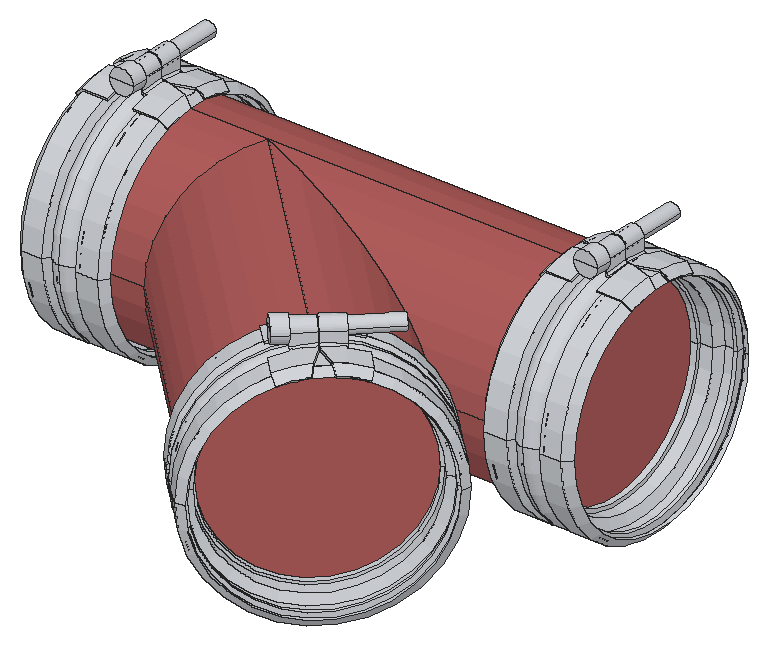
Revit family "PBUK_ES_Single Branch_AF006_NG", category Pipe Fittings, Revit 2024
Family settings
  Round Connector Dimension = Use Diameter
  Part Type = Tee
  OmniClass Number = 23.60.30.11.14
  OmniClass Title = Pipework Fittings
  Work Plane-Based = No
  Always vertical = Yes
  Cut with Voids When Loaded = No
  Shared = No
Parameters (values of type "Standard")
  h [instance] = size_lookup(Lookup Table Name, "h", 0 mm, Nominal Diameter, Branch Nominal Diameter, Angle)  # 185 mm
  Weight [instance] = size_lookup(Lookup Table Name, "Poids", 0.00 kg, Nominal Diameter, Branch Nominal Diameter, Angle)  # 3.28 kg
  WarrantyStartDate [instance] = "Please Record On Commissioning"
  WarrantyGuarantorParts = "technical.uk@pambuilding.com"
  WarrantyGuarantorLabour = "N/A"
  WarrantyDurationUnit = "Years"
  WarrantyDurationParts = "0"
  WarrantyDurationLabour = "0"
  WarrantyDescription = "N/A"
  URL = "www.pambuilding.co.uk"
  Type IFC Predefined Type = "JUNCTION"
  TagNumber [instance] = "Please Record On Commissioning"
  System Fire Rating = "A1"  # constant formula
  Symbol Length [instance] = Nominal Diameter * 0.6  # 60 mm
  Standard = "EN 877"  # constant formula
  Show Coupling 3 [instance] = yes
  Show Coupling 2 [instance] = yes
  Show Coupling 1 [instance] = yes
  SerialNumber [instance] = "Please Record On Commissioning"
  Quality Marks Check [instance] = size_lookup(Lookup Table Name, "qmc", 0 mm, Nominal Diameter, Branch Nominal Diameter, Angle)  # 0 mm
  Quality Marks [instance] = if(Quality Marks Check = 1 mm, "Kitemark KM 51733", "N/A")  # "N/A"
  Product URL = "https://source.thenbs.com/product/ensign-agilium-pipes-and-fittings/odGdd3woqo2ivn36LowFqJ/xp98iyxJDKXNKK66AMoSfU"
  Product Code [instance] = size_lookup(Lookup Table Name, "REF-STD", 0, Nominal Diameter, Branch Nominal Diameter, Angle)  # 282807
  NominalWidth [instance] = Dext principale  # 110 mm
  NominalLength [instance] = H  # 245 mm
  NominalHeight [instance] = h * sin(Angle b) + Dext principale / 2  # 185.815 mm
  Nominal Diameter [instance] = 100 mm
  ModelNumber [instance] = size_lookup(Lookup Table Name, "", "", Nominal Diameter, Branch Nominal Diameter, Angle)  # "AF006"
  Material Fire Rating = "A1"  # constant formula
  Material = "Cast Iron"  # constant formula
  Manufacturer Product Range = "ENSIGN AGILIUM Soil"  # constant formula
  Lookup Table Name = "AF006_Single Branch - DI & NG"
  Model = ""
  Keynote = "Single Branch"  # constant formula
  built-in parameter 1114238 [instance] = (empty or 0)
  InstallationDate [instance] = "Please Record On Commissioning"
  H [instance] = size_lookup(Lookup Table Name, "H", 0 mm, Nominal Diameter, Branch Nominal Diameter, Angle)  # 245 mm
  L [instance] = if(Angle b < 91.00°, size_lookup(Lookup Table Name, "L", 0 mm, Nominal Diameter, Branch Nominal Diameter, Angle), H - size_lookup(Lookup Table Name, "L", 0 mm, Nominal Diameter, Branch Nominal Diameter, Angle))  # 185 mm
  Manufacturer = "Pam Building UK"  # constant formula
  Export Type to IFC As = "IfcPipeFittingType"
  DurationUnit = "Years"
  Dext principale [instance] = size_lookup(Lookup Table Name, "Dext principale", 0 mm, Nominal Diameter, Branch Nominal Diameter, Angle)  # 110 mm
  Dext antenne [instance] = size_lookup(Lookup Table Name, "Dext antenne", 0 mm, Nominal Diameter, Branch Nominal Diameter, Angle)  # 110 mm
  Description = "Single Branch"  # constant formula
  Default Elevation = 0 mm
  CreatedOn = "2019-12-15T10:00:00"
  CreatedBy = "technical.uk@pambuilding.com"
  Coupling Rotation 3 [instance] = 90.00°
  Coupling Rotation 2 [instance] = 90.00°
  Coupling Rotation 1 [instance] = 90.00°
  Connection Gap 3 [instance] = if(Show Coupling 3, size_lookup(Lookup Table Name, "dnConnectionGap", 0 mm, Nominal Diameter, Branch Nominal Diameter, Angle), 0 mm)  # 4 mm
  Connection Gap 2 [instance] = if(Show Coupling 2, size_lookup(Lookup Table Name, "DNConnectionGap", 0 mm, Nominal Diameter, Branch Nominal Diameter, Angle), 0 mm)  # 4 mm
  Connection Gap 1 [instance] = if(Show Coupling 1, size_lookup(Lookup Table Name, "DNConnectionGap", 0 mm, Nominal Diameter, Branch Nominal Diameter, Angle), 0 mm)  # 4 mm
  ClassificationValue = "Pr_65_52_03_12"
  ClassificationName = "Uniclass2015"
  Branch Nominal Diameter [instance] = 100 mm
  BarCode [instance] = "Please Record On Commissioning"
  AssetType = "Fixed"
  AssetIdentifier [instance] = "Please Record On Commissioning"
  Angle b [instance] = 45.00°
  Angle 2 [instance] = 180.00° - Angle b  # 135.00°
  Angle [instance] = if(Angle b > 90.00°, if(and(Angle 2 > 85.50°, Angle 2 < 90.50°), 88.00°, if(and(Angle 2 > 66.50°, Angle 2 < 71.50°), 69.00°, if(and(Angle 2 > 42.50°, Angle 2 < 47.50°), 45.00°, if(and(Angle 2 > 19.50°, Angle 2 < 24.50°), 22.00°, 0.00°)))), if(and(Angle b > 85.53°, Angle b < 90.50°), 88.00°, if(and(Angle b > 66.50°, Angle b < 71.50°), 69.00°, if(and(Angle b > 42.50°, Angle b < 47.50°), 45.00°, if(and(Angle b > 19.50°, Angle b < 24.50°), 22.00°, 0.00°)))))  # 45.00°
Reference planes
  plane 1 "Centre (avant/arrière)": y = 0
  plane 2: z = 0
  plane 3 "Centre (gauche/droite)": x = 0
  plane 4: x = -60
  plane 5: x = 185
  plane 6: y = 55
  plane 7: y = -55
  plane 8: x = -64
  plane 9: x = 189
Forms (mm)
  Sweep 1, solid, material "PAM Cast iron - Ensign Soil", detail levels fine
    path origin (0, 0, 0) x (1, 0, 0) y (0, 1, 0)
      loop
        line (-60, 0) -> (185, 0)
    profile "Pipeline - Round : Pipeline - Main Part" origin (62.5, 0, 0) x (0, 1, 0) y (0, 0, 1)
      loop
        arc (-55, 0) -> (-38.891, -38.891) -> (0, -55) r 55
        arc (0, -55) -> (38.891, -38.891) -> (55, 0) r 55
        arc (55, 0) -> (38.891, 38.891) -> (0, 55) r 55
        arc (0, 55) -> (-38.891, 38.891) -> (-55, 0) r 55
  Sweep 2, solid, material "PAM Cast iron - Ensign Soil", detail levels fine
    path in 3D
      loop
        line (0, 0, 0) -> (130.815, -130.815, 0)
    profile "Pipeline - Round : Pipeline - Antenna Part" origin (65.407, -65.407, 0) x (0.707107, 0.707107, 0) y (0, 0, 1)
      loop
        arc (-55, 0) -> (-38.891, -38.891) -> (0, -55) r 55
        arc (0, -55) -> (38.891, -38.891) -> (55, 0) r 55
        arc (55, 0) -> (38.891, 38.891) -> (0, 55) r 55
        arc (0, 55) -> (-38.891, 38.891) -> (-55, 0) r 55
  Revolve 3, void
    sketch origin (0, 0, 0) x (1, 0, 0) y (0, 1, 0)
      loop
        line (-60, 0) -> (-60, 55) -> (-545.912, 55) -> (-545.912, 0) -> (-60, 0)
      axis (-60, 0) -> (-545.912, 0)
    angle from 0 to 360
  Extrusion 4, solid, not visible
    sketch origin (130.815, -130.815, 0) x (0, 0, 1) y (-0.707107, -0.707107, 0)
      loop
        line (2, 5) -> (0, 5) -> (0, -5) -> (2, -5) -> (2, 5)
    from -15.67 to 0
  Sweep 5, solid, not visible
    path origin (0, 0, 0) x (1, 0, 0) y (0, 1, 0)
      loop
        line (-64, 0) -> (-68.018, 0)
    profile origin (-66.009, 0, 0) x (0, -1, 0) y (0, 0, 1)
      loop
        circle (0, 0) r 55
  Sweep 6, solid, not visible
    path origin (0, 0, 0) x (1, 0, 0) y (0, 1, 0)
      loop
        line (193.038, 0) -> (189, 0)
    profile origin (191.019, 0, 0) x (0, -1, 0) y (0, 0, 1)
      loop
        circle (0, 0) r 55
  Sweep 7, solid, not visible
    path origin (0, 0, 0) x (1, 0, 0) y (0, 1, 0)
      loop
        line (133.643, -133.643) -> (136.442, -136.442)
    profile origin (135.043, -135.043, 0) x (0.707107, 0.707107, 0) y (0, 0, 1)
      loop
        circle (0, 0) r 55
Cuts and joins
  Revolve 3 cuts Sweep 1
  Revolve 3 cuts Sweep 2
  joined: Sweep 1, Sweep 2
Lines and regions (mm)
  reference lines
    curve 1: line (0, 0, 0) -> (130.815, -130.815, 0)
  sketch lines
    curve 2: line (0, 0, 0) -> (130.815, -130.815, 0)
  model lines, detail levels coarse+medium
    curve 3: line (-64, 0, 0) -> (189, 0, 0)
    curve 4: line (-64, 30, 0) -> (-64, 0, 0)
    curve 5: line (-64, 0, 0) -> (-64, -30, 0)
    curve 6: line (189, 30, 0) -> (189, 0, 0)
    curve 7: line (189, 0, 0) -> (189, -30, 0)
    curve 8: line (0, 0, 0) -> (133.643, -133.643, 0)
    curve 9: line (133.643, -133.643, 0) -> (154.856, -112.43, 0)
    curve 10: line (133.643, -133.643, 0) -> (112.43, -154.856, 0)
Dimensions and locks
  "L": plane 3 "Centre (gauche/droite)" to plane 5
  equal spacing: plane 6, plane 1 "Centre (avant/arrière)", plane 7
  "Dext principale": plane 6 to plane 7
  "H": plane 4 to plane 5
  "h": curve 1 to curve 1
  equal spacing: curve 5, plane 1 "Centre (avant/arrière)", curve 4
  "Symbol Length": curve 4 to curve 5
  equal spacing: curve 7, plane 1 "Centre (avant/arrière)", curve 6
  "Symbol Length": curve 6 to curve 7
  equal spacing: curve 10, curve 8, curve 9
  "Symbol Length": curve 10 to curve 9
  "Connection Gap 1": plane 8 to plane 4
  "Connection Gap 2": plane 5 to plane 9
  locked: Sweep 5 sketch curve to Sweep 5 sketch curve at 4.018
  locked: Sweep 6 sketch curve to Sweep 6 sketch curve at 4.038
  locked: Sweep 7 sketch curve to Sweep 7 sketch curve at 3.959
  "Connection Gap 3": curve 10 to cut or joined group of Sweep 1, Sweep 2, Revolve 3
  "Dext principale": diameter of Sweep 5 sketch curve
  "Dext principale": diameter of Sweep 6 sketch curve
  "Dext antenne": diameter of Sweep 7 sketch curve
  "Angle b": angle curve 1 to plane 1 "Centre (avant/arrière)"
  "Angle b": angle curve 8 to plane 1 "Centre (avant/arrière)"
  locked: curve 8 to curve 10 (angle 90.00°)
  locked: curve 8 to curve 9 (angle 90.00°)
  "Angle b": angle Sweep 7 sketch curve to plane 1 "Centre (avant/arrière)"
  "Angle b": angle nested 5 to plane 1 "Centre (avant/arrière)"
  aligned and locked: level to plane 2
  aligned and locked: plane 4 to Sweep 1 sketch curve
  aligned and locked: plane 1 "Centre (avant/arrière)" to Sweep 1 sketch curve
  aligned and locked: Revolve 3 sketch curve to plane 1 "Centre (avant/arrière)"  (x2)
  aligned and locked: Revolve 3 sketch curve to plane 6
  aligned and locked: Revolve 3 sketch curve to plane 4
  aligned and locked: plane 2 to Extrusion 4 sketch curve
  aligned and locked: Extrusion 4 to curve 1
  aligned and locked: plane 1 "Centre (avant/arrière)" to curve 3
  aligned and locked: plane 3 "Centre (gauche/droite)" to curve 8
  aligned and locked: plane 1 "Centre (avant/arrière)" to curve 8
  aligned and locked: plane 8 to Sweep 5 sketch curve
  aligned and locked: plane 1 "Centre (avant/arrière)" to Sweep 5 sketch curve
  aligned and locked: plane 9 to Sweep 6 sketch curve
  aligned and locked: plane 1 "Centre (avant/arrière)" to Sweep 6 sketch curve
  aligned and locked: curve 4 to plane 8
  aligned and locked: curve 6 to plane 9
  aligned and locked: plane 1 "Centre (avant/arrière)" to nested 1
  aligned and locked: nested 2 to plane 1 "Centre (avant/arrière)"
  aligned and locked: plane 5 to nested 2
  aligned and locked: plane 4 to nested 1
  aligned and locked: curve 9 to Sweep 7 sketch curve
  aligned and locked: curve 1 to Sweep 7 sketch curve
  aligned and locked: curve 1 to nested 5
  aligned and locked: nested 5 to Sweep 7
Automatic sketch dimensions
  Sweep 1 sketch curve to plane 5 = 0 mm
  Revolve 3 sketch curve to plane 4 = 485.912 mm
  Revolve 3 sketch curve to Revolve 3 sketch curve = 1479.088 mm
  plane 5 to Revolve 3 sketch curve = 1310 mm
  Extrusion 4 sketch curve to Extrusion 4 sketch curve = 2 mm
  Extrusion 4 sketch curve to Extrusion 4 sketch curve = 10 mm
  plane 1 "Centre (avant/arrière)" to curve 1 = 0 mm
  curve 1 to plane 3 "Centre (gauche/droite)" = 0 mm
  Sweep 5 sketch curve to level = 0 mm
  Sweep 5 sketch curve to profile plane = 0 mm
  Sweep 6 sketch curve to level = 0 mm
  Sweep 6 sketch curve to profile plane = 0 mm
  Sweep 7 sketch curve to level = 0 mm
  Sweep 7 sketch curve to profile plane = 0 mm
Nested families
  nested 1: "PBUK_RAPID S NG Coupling-Rotated Assembly" at (-60, 0, 0), Visibility <- "Show Coupling 1", visible <- "Show Coupling 1", Nominal Diameter <- "Nominal Diameter", Rotation <- "Coupling Rotation 1", type "Standard"
    with Visibility yes, Rotation 90.00°, Nominal Diameter 100 mm
  nested 2: "PBUK_RAPID S NG Coupling-Rotated Assembly" at (185, 0, 0) x (-1, 0, 0) z (0, 0, 1), Visibility <- "Show Coupling 2", visible <- "Show Coupling 2", Nominal Diameter <- "Nominal Diameter", Rotation <- "Coupling Rotation 2", type "Standard"
    with Visibility yes, Rotation 90.00°, Nominal Diameter 100 mm
  nested 3: "PBUK_ES_RAPID S NG Coupling_EC002NG" at (-62, 0, 0), type "Standard"
    with Weight 0.18 kg, WarrantyStartDate "", TagNumber "", SerialNumber "", Product Code 210427, NominalWidth 48 mm, NominalLength 125 mm, NominalHeight 139 mm, Nominal Diameter 100 mm, ModelNumber "EC002NG", M 8 mm, L 48 mm, IsCustom no, InstallationDate "", H 139 mm, D 125 mm, BarCode "", AssetIdentifier ""
  nested 4: "PBUK_ES_RAPID S NG Coupling_EC002NG" at (187, 0, 0) x (-1, 0, 0) z (0, 0, 1), type "Standard"
    with Weight 0.18 kg, WarrantyStartDate "", TagNumber "", SerialNumber "", Product Code 210427, NominalWidth 48 mm, NominalLength 125 mm, NominalHeight 139 mm, Nominal Diameter 100 mm, ModelNumber "EC002NG", M 8 mm, L 48 mm, IsCustom no, InstallationDate "", H 139 mm, D 125 mm, BarCode "", AssetIdentifier ""
  nested 5: "PBUK_RAPID S NG Coupling-Rotated Assembly" at (133.643, -133.643, 0) x (0.7071, -0.7071, 0) z (0, 0, 1), Visibility <- "Show Coupling 3", visible <- "Show Coupling 3", Nominal Diameter <- "Branch Nominal Diameter", Rotation <- "Coupling Rotation 3", type "Standard"
    with Visibility yes, Rotation 90.00°, Nominal Diameter 100 mm
  nested 6: "PBUK_ES_RAPID S NG Coupling_EC002NG" at (132.229, -132.229, 0) x (0.7071, -0.7071, 0) z (0, 0, 1), type "Standard"
    with Weight 0.18 kg, WarrantyStartDate "", TagNumber "", SerialNumber "", Product Code 210427, NominalWidth 48 mm, NominalLength 125 mm, NominalHeight 139 mm, Nominal Diameter 100 mm, ModelNumber "EC002NG", M 8 mm, L 48 mm, IsCustom no, InstallationDate "", H 139 mm, D 125 mm, BarCode "", AssetIdentifier ""
Connectors
  piping at (189, 0, 0), diameter 100, driven by "Nominal Diameter"
    settings: on Sweep 6, index 5, connector inside diameter 609.6 mm, connector length 0 mm, flow factor 0, pipe flow 0.0 L/s, pressure drop 0.0 Pa, fitting loss kfactor 0, connector angle 0.00°, fixture units 0, engagement length 0 mm, angle of deflection 0.00°, flow configuration 0, flow direction 0, fitting loss method 0, system type 28, joint type 0, gender type 0, connector reference index 6, connector utility 0, adjustable connector no, is connector primary no, connector description ""
  piping at (-64, 0, 0), diameter 100, driven by "Nominal Diameter"
    settings: on Sweep 5, index 6, connector inside diameter 609.6 mm, connector length 0 mm, flow factor 0, pipe flow 0.0 L/s, pressure drop 0.0 Pa, fitting loss kfactor 0, connector angle 0.00°, fixture units 0, engagement length 0 mm, angle of deflection 0.00°, flow configuration 0, flow direction 0, fitting loss method 0, system type 28, joint type 0, gender type 0, connector reference index 5, connector utility 0, adjustable connector no, is connector primary yes, connector description ""
  piping at (133.643, -133.643, 0), diameter 100, driven by "Angle b", driven by "Branch Nominal Diameter"
    settings: on Sweep 7, index 7, connector inside diameter 609.6 mm, connector length 0 mm, flow factor 0, pipe flow 0.0 L/s, pressure drop 0.0 Pa, fitting loss kfactor 0, connector angle 45.00°, fixture units 0, engagement length 0 mm, angle of deflection 0.00°, flow configuration 0, flow direction 0, fitting loss method 0, system type 28, joint type 0, gender type 0, connector reference index -1, connector utility 0, adjustable connector no, is connector primary no, connector description ""
Definition of nested family "PBUK_ES_RAPID S NG Coupling_EC002NG"
  Parameters (values of type "Standard")
    Weight [instance] = size_lookup(Lookup Table Name, "Poids", 0.00 kg, Nominal Diameter)  # 0.18 kg
    WarrantyStartDate [instance] = "Please Record On Commissioning"
    WarrantyGuarantorParts = "technical.uk@pambuilding.com"
    WarrantyGuarantorLabour = "N/A"
    WarrantyDurationUnit = "Years"
    WarrantyDurationParts = "0"
    WarrantyDurationLabour = "0"
    WarrantyDescription = "N/A"
    URL = "www.pambuilding.co.uk"
    Type IFC Predefined Type = "TRANSITION"
    TagNumber [instance] = "Please Record On Commissioning"
    System Fire Rating = "A1"  # constant formula
    Standard = "EN 877"  # constant formula
    SerialNumber [instance] = "Please Record On Commissioning"
    Quality Marks = "Kitemark KM 51733"  # constant formula
    Product URL = "https://source.thenbs.com/product/ensign-agilium-pipes-and-fittings/odGdd3woqo2ivn36LowFqJ/xp98iyxJDKXNKK66AMoSfU"
    Product Code [instance] = size_lookup(Lookup Table Name, "REF-STD", 0, Nominal Diameter)  # 210427
    NominalWidth [instance] = L  # 48 mm
    NominalLength [instance] = D  # 125 mm
    NominalHeight [instance] = H  # 139 mm
    Nominal Diameter [instance] = 100 mm
    ModelNumber [instance] = size_lookup(Lookup Table Name, "", "N/A", Nominal Diameter)  # "EC002NG"
    Material Fire Rating = "A1"  # constant formula
    Material = "Stainless Steel"  # constant formula
    Manufacturer Product Range = "ENSIGN AGILIUM Soil"  # constant formula
    Lookup Table Name = "EC002NG_RAPID S NG coupling"
    Model = ""
    M [instance] = size_lookup(Lookup Table Name, "M", 0 mm, Nominal Diameter)  # 8 mm
    L [instance] = size_lookup(Lookup Table Name, "L", 0 mm, Nominal Diameter)  # 48 mm
    Keynote = "Coupling"  # constant formula
    IsCustom [instance] = no
    InstallationDate [instance] = "Please Record On Commissioning"
    H [instance] = size_lookup(Lookup Table Name, "H", 0 mm, Nominal Diameter)  # 139 mm
    Gasket Material = "EPDM"  # constant formula
    Manufacturer = "Pam Building UK"  # constant formula
    Export Type to IFC As = "IfcPipeFittingType"
    DurationUnit = "Years"
    Description = "Stainless Steel RAPID NG Coupling"  # constant formula
    Default Elevation = 0 mm
    D [instance] = size_lookup(Lookup Table Name, "D", 0 mm, Nominal Diameter)  # 125 mm
    CreatedOn = "2019-12-15T10:00:00"
    CreatedBy = "technical.uk@pambuilding.com"
    ClassificationValue = "Pr_65_52_03_12"
    ClassificationName = "Uniclass2015"
    BarCode [instance] = "Please Record On Commissioning"
    AssetType = "Fixed"
    AssetIdentifier [instance] = "Please Record On Commissioning"
  Reference planes
    plane 1 "Centre (avant/arrière)": y = 0
    plane 2: z = 0
    plane 3 "Centre (gauche/droite)": x = 0
    plane 4: z = 76.5
    plane 5: z = -62.5
    plane 6: z = 62.5
    plane 7: z = 69.5
    plane 8: x = -24
    plane 9: y = 62.5
    plane 10: x = 24
    plane 11: y = -62.5
    plane 12: y = -58.5
    plane 13: x = -20
    plane 14: x = -7
    plane 15: x = -9
    plane 16: x = 20
    plane 17: x = 7
    plane 18: x = 9
    plane 19: x = -8
    plane 20: x = 8
    plane 21: y = -61
    plane 22: y = -60.5
    plane 23: y = -57.089
    plane 24: y = -55.579
    plane 25: y = -52.089
    plane 26: x = -2
    plane 27: x = -19.5
    plane 28: x = -10
    plane 29: x = 19.5
    plane 30: x = 10
    plane 31: x = -17.5
    plane 32: x = 17.5
    plane 33: y = -53.579
    plane 34: x = 2
    plane 35: x = -21.9
    plane 36: x = -19.4
    plane 37: x = 21.9
    plane 38: x = 19.4
  Forms (mm)
    Revolve 1, solid, detail levels fine
      sketch origin (0, 0, 0) x (1, 0, 0) y (0, 1, 0)
        loop
          line (-24, -58.5) -> (-20, -62.5) -> (-9, -62.5) -> (-7, -58.5)
          arc (-7, -58.5) -> (-4.031, -61.429) -> (0, -62.5) r 8.125
          arc (0, -62.5) -> (4.031, -61.429) -> (7, -58.5) r 8.125
          line (7, -58.5) -> (9, -62.5) -> (21, -62.5) -> (24, -58.5) -> (21.9, -58.5) -> (19.4, -61) -> (9.927, -61) -> (7.971, -57.089) -> (6.044, -57.089)
          arc (6.044, -57.089) -> (3.599, -59.937) -> (0, -61) r 6.625
          arc (0, -61) -> (-3.599, -59.937) -> (-6.044, -57.089) r 6.625
          line (-6.044, -57.089) -> (-7.971, -57.089) -> (-9.927, -61) -> (-19.4, -61) -> (-21.9, -58.5) -> (-24, -58.5)
        axis (24, 0) -> (-24, 0)
      angle from 0 to 360
    Revolve 2, solid, detail levels fine
      sketch origin (0, 0, 0) x (1, 0, 0) y (0, 1, 0)
        loop
          line (-10, -60.5) -> (-7.844, -55.579) -> (0, -55.579) -> (7.844, -55.579) -> (10, -60.5) -> (19.5, -60.5) -> (19.5, -57.089) -> (17.5, -57.089) -> (17.5, -58.5) -> (11.307, -58.5) -> (9.152, -53.579) -> (2, -53.579) -> (2, -52.089) -> (-2, -52.089) -> (-2, -53.579) -> (-9.152, -53.579) -> (-11.307, -58.5) -> (-17.5, -58.5) -> (-17.5, -57.089) -> (-19.5, -57.089) -> (-19.5, -60.5) -> (-10, -60.5)
        axis (19.5, 0) -> (-19.5, 0)
      angle from 0 to 360
  Lines and regions (mm)
    reference lines
      curve 1: line (-24, 0, 0) -> (24, 0, 0)
  Dimensions and locks
    equal spacing: plane 6, level, plane 5
    "D": plane 6 to plane 5
    "H": plane 4 to plane 5
    equal spacing: plane 8, plane 3 "Centre (gauche/droite)", plane 10
    "L": plane 8 to plane 10
    equal spacing: plane 9, plane 1 "Centre (avant/arrière)", plane 11
    "D": plane 9 to plane 11
    equal spacing: plane 15, plane 19, plane 14
    equal spacing: plane 17, plane 20, plane 18
    equal spacing: plane 8, plane 19, plane 20, plane 10
    locked: plane 21 to plane 11 at 1.5
    locked: plane 22 to plane 21 at 0.5
    locked: plane 8 to plane 13 at 4
    locked: plane 11 to plane 12 at 4
    locked: plane 23 to plane 12 at 1.411
    plane 15 to plane 19 = 1 mm
    locked: plane 17 to plane 20 at 1
    locked: plane 16 to plane 10 at 4
    locked: plane 13 to plane 27 at 0.5
    locked: plane 16 to plane 29 at 0.5
    locked: plane 28 to plane 15 at 1
    locked: plane 30 to plane 18 at 1
    locked: plane 26 to plane 3 "Centre (gauche/droite)" at 2
    locked: plane 23 to plane 25 at 5
    locked: plane 27 to plane 31 at 2
    locked: plane 29 to plane 32 at 2
    locked: plane 24 to plane 23 at 1.51
    locked: plane 33 to plane 24 at 2
    locked: plane 3 "Centre (gauche/droite)" to plane 34 at 2
    locked: plane 35 to plane 8 at 2.1
    locked: plane 35 to plane 36 at 2.5
    locked: plane 37 to plane 10 at 2.1
    locked: plane 37 to plane 38 at 2.5
    Revolve 1 sketch curve to Revolve 1 sketch curve = 1.5 mm  (x2)
    Revolve 2 sketch curve to Revolve 2 sketch curve = 2 mm  (x2)
    equal spacing: plane 4, plane 7, plane 6
    aligned and locked: level to plane 2
    aligned and locked: plane 11 to Revolve 1 sketch curve  (x2)
    aligned and locked: plane 12 to Revolve 1 sketch curve  (x2)
    aligned and locked: plane 28 to Revolve 2 sketch curve
    aligned and locked: plane 22 to Revolve 2 sketch curve
    aligned and locked: plane 27 to Revolve 2 sketch curve
    aligned and locked: Revolve 2 sketch curve to plane 24
    aligned and locked: plane 23 to Revolve 2 sketch curve
    aligned and locked: Revolve 2 sketch curve to plane 1 "Centre (avant/arrière)"
    aligned and locked: Revolve 2 sketch curve to plane 12
    aligned and locked: plane 30 to Revolve 2 sketch curve
    aligned and locked: Revolve 2 sketch curve to plane 22
    aligned and locked: Revolve 2 sketch curve to plane 29
    aligned and locked: Revolve 2 sketch curve to plane 23
    aligned and locked: plane 12 to Revolve 2 sketch curve
    aligned and locked: plane 25 to Revolve 2 sketch curve
    aligned and locked: Revolve 2 sketch curve to plane 26
    aligned and locked: plane 32 to Revolve 2 sketch curve
    aligned and locked: plane 34 to Revolve 2 sketch curve
    aligned and locked: Revolve 2 sketch curve to Revolve 2 sketch curve
    aligned and locked: Revolve 2 sketch curve to plane 31
    aligned and locked: Revolve 1 sketch curve to plane 21
    aligned and locked: plane 35 to Revolve 1 sketch curve
    aligned and locked: Revolve 1 sketch curve to plane 12
    aligned and locked: plane 36 to Revolve 1 sketch curve
    aligned and locked: plane 38 to Revolve 1 sketch curve
    aligned and locked: plane 21 to Revolve 1 sketch curve  (x2)
    aligned and locked: plane 3 "Centre (gauche/droite)" to Revolve 1 sketch curve  (x2)
    aligned and locked: plane 17 to Revolve 1 sketch curve
    aligned and locked: plane 3 "Centre (gauche/droite)" to nested 1
    aligned and locked: plane 23 to Revolve 1 sketch curve  (x4)
    aligned and locked: plane 3 "Centre (gauche/droite)" to nested 2
    aligned and locked: plane 8 to curve 1
    aligned and locked: curve 1 to plane 2
    aligned and locked: plane 7 to nested 1
  Automatic sketch dimensions
    Revolve 2 sketch curve to plane 33 = 0 mm
    Revolve 2 sketch curve to plane 3 "Centre (gauche/droite)" = 0 mm
    Revolve 2 sketch curve to plane 15 = 0.152 mm
    Revolve 2 sketch curve to plane 18 = 0.152 mm
    Revolve 2 sketch curve to plane 8 = 1976 mm
    Revolve 2 sketch curve to plane 10 = 1976 mm
    Revolve 1 sketch curve to Revolve 1 sketch curve = 0 mm  (x3)
    plane 1 "Centre (avant/arrière)" to Revolve 1 sketch curve = 0 mm
    Revolve 1 sketch curve to plane 8 = 0 mm
    Revolve 1 sketch curve to plane 13 = 0 mm
    Revolve 1 sketch curve to plane 15 = 0 mm
    Revolve 1 sketch curve to plane 14 = 0 mm
    Revolve 1 sketch curve to plane 18 = 0 mm
    Revolve 1 sketch curve to plane 37 = 0 mm
    Revolve 1 sketch curve to plane 10 = 0 mm
    plane 11 to Revolve 1 sketch curve = 0 mm
    Revolve 1 sketch curve to plane 37 = 0.9 mm
    Revolve 1 sketch curve to plane 8 = 1976 mm
    Revolve 1 sketch curve to plane 10 = 1976 mm
    plane 10 to curve 1 = 0 mm
  Nested families
    nested 1: "Bolt" at (0, -12.32, 69.5), M <- "M", type "Standard", detail levels fine
      with T 4 mm, S 6 mm, M 8 mm, L 50 mm, K 8 mm, DK 13 mm
    nested 2: "Attachment" at (0, 0, 0), D <- "D", type "Standard", detail levels fine
      with R 4 mm, L 48 mm, H 139 mm, D 125 mm, Angle de fin -110.00°, Angle de départ -70.00°
  Definition of nested family "Bolt"
    Parameters (values of type "Standard")
      T [instance] = size_lookup(Nom de la table, "T", 0 mm, M)  # 4 mm
      S [instance] = size_lookup(Nom de la table, "S", 0 mm, M)  # 6 mm
      Nom de la table = "Vis 6 pans creux"
      L [instance] = size_lookup(Nom de la table, "L", 0 mm, M)  # 50 mm
      K [instance] = size_lookup(Nom de la table, "K", 0 mm, M)  # 8 mm
      Default Elevation = 0 mm
      DK [instance] = size_lookup(Nom de la table, "DK", 0 mm, M)  # 13 mm
      M [instance] = 8 mm
    Reference planes
      plane 1 "Centre (avant/arrière)": y = 0
      plane 2: z = 0
      plane 3 "Centre (gauche/droite)": x = 0
      plane 4: y = -8
      plane 5: y = 50
      plane 6: x = -4
      plane 7: x = 4
      plane 8: x = 6.5
      plane 9: x = -6.5
      plane 10: y = -4
      plane 11: x = -4
    Forms (mm)
      Revolve 1, solid
        sketch origin (0, 0, 0) x (1, 0, 0) y (0, 1, 0)
          loop
            line (-4, 50) -> (-4, 0) -> (0, 0) -> (0, 50) -> (-4, 50)
          axis (0, 50) -> (0, 0)
        angle from 0 to 360
      Revolve 2, solid
        sketch origin (0, 0, 0) x (1, 0, 0) y (0, 1, 0)
          loop
            line (-6.5, 0) -> (-6.5, -8) -> (0, -8) -> (0, 0) -> (-6.5, 0)
          axis (0, 0) -> (0, -8)
        angle from 0 to 360
    Dimensions and locks
      equal spacing: plane 9, plane 3 "Centre (gauche/droite)", plane 8
      equal spacing: plane 6, plane 3 "Centre (gauche/droite)", plane 7
      "L": plane 5 to plane 1 "Centre (avant/arrière)"
      "K": plane 1 "Centre (avant/arrière)" to plane 4
      "DK": plane 9 to plane 8
      "M": plane 6 to plane 7
      "T": plane 10 to plane 4
      locked: plane 11 to plane 6
      aligned and locked: level to plane 2
      aligned and locked: Revolve 1 sketch curve to plane 5
      aligned and locked: plane 6 to Revolve 1 sketch curve
      aligned and locked: Revolve 1 sketch curve to plane 1 "Centre (avant/arrière)"
      aligned and locked: Revolve 1 sketch curve to plane 3 "Centre (gauche/droite)"  (x2)
      aligned and locked: plane 9 to Revolve 2 sketch curve
      aligned and locked: plane 4 to Revolve 2 sketch curve
      aligned and locked: Revolve 2 sketch curve to plane 3 "Centre (gauche/droite)"  (x2)
      aligned and locked: plane 1 "Centre (avant/arrière)" to Revolve 2 sketch curve
    Automatic sketch dimensions
      Revolve 1 sketch curve to plane 4 = 1888.796 mm
      plane 5 to Revolve 1 sketch curve = 1680 mm
      Revolve 2 sketch curve to plane 4 = 1888.796 mm
      plane 5 to Revolve 2 sketch curve = 1680 mm
  Definition of nested family "Attachment"
    Parameters (values of type "Standard")
      R [instance] = size_lookup(Nom de la table, "R", 0 mm, D)  # 4 mm
      Nom de la table = "Attache Joint PAM Rapid"
      L [instance] = size_lookup(Nom de la table, "L", 0 mm, D)  # 42 mm
      H [instance] = size_lookup(Nom de la table, "H", 0 mm, D)  # 114 mm
      Default Elevation = 0 mm
      D [instance] = 94 mm
      Angle de fin [instance] = size_lookup(Nom de la table, "Angle de fin", 0.00°, D)  # -120.00°
      Angle de départ [instance] = size_lookup(Nom de la table, "Angle de départ", 0.00°, D)  # -60.00°
    Reference planes
      plane 1 "Centre (avant/arrière)": y = 0
      plane 2: z = 0
      plane 3 "Centre (gauche/droite)": x = 0
      plane 4: y = 47
      plane 5: y = -47
      plane 6: x = -21
      plane 7: x = 21
      plane 8: x = -17
      plane 9: x = 17
      plane 10: y = 43
      plane 11: y = 43
      plane 12: z = 47
      plane 13: z = -47
      plane 14: z = 57
      plane 15: x = -4
      plane 16: y = 52
      plane 17: x = 4
      plane 18: y = 67
      plane 19: z = 67
    Forms (mm)
      Revolve 1, solid
        sketch origin (0, 0, 0) x (1, 0, 0) y (0, 1, 0)
          loop
            line (-21, 43) -> (-17, 47) -> (-6, 47)
            arc (-6, 47) -> (-4.586, 47.586) -> (-4, 49) r 2
            line (-4, 49) -> (-4, 52) -> (-5, 52) -> (-5, 49)
            arc (-5, 49) -> (-5.293, 48.293) -> (-6, 48) r 1
            line (-6, 48) -> (-17.414, 48) -> (-21.707, 43.707) -> (-21, 43)
          loop
            line (21, 43) -> (21.707, 43.707) -> (17.414, 48) -> (6, 48)
            arc (6, 48) -> (5.293, 48.293) -> (5, 49) r 1
            line (5, 49) -> (5, 52) -> (4, 52) -> (4, 49)
            arc (4, 49) -> (4.586, 47.586) -> (6, 47) r 2
            line (6, 47) -> (17, 47) -> (21, 43)
          axis (21.707, 0) -> (-21.707, 0)
        angle from -60 <- "Angle de départ" to -120 <- "Angle de fin"
      Extrusion 2, void
        sketch origin (0, 0, 0) x (1, 0, 0) y (0, 1, 0)
          loop
            line (-23.553, -5.678) -> (-9.289, -0.4) -> (-9.289, 0.4) -> (-23.553, 5.678) -> (-23.553, -5.678)
          loop
            line (23.553, -5.678) -> (23.553, 5.678) -> (9.289, 0.4) -> (9.289, -0.4) -> (23.553, -5.678)
        from 0 to 250
      Extrusion 3, void
        sketch origin (0, 0, 0) x (1, 0, 0) y (0, 1, 0)
          loop
            line (-6.711, -141.933) -> (7, -141.933) -> (7, -12.32) -> (-6.711, -12.32) -> (-6.711, -141.933)
          loop
            line (-6.711, 111.88) -> (-6.711, 12.32) -> (7, 12.32) -> (7, 111.88) -> (-6.711, 111.88)
          loop
            line (-9.289, 0.4) -> (-9.289, -0.4) -> (9.289, -0.4) -> (9.289, 0.4) -> (-9.289, 0.4)
        from 0 to 250
      Extrusion 4, solid
        sketch origin (0, 0, 0) x (1, 0, 0) y (0, 0, 1)
          loop
            line (-5, 57) -> (-5, 49.353) -> (-4, 49.353) -> (-4, 57)
            arc (-4, 57) -> (0, 61) -> (4, 57) r 4
            line (4, 57) -> (4, 49.353) -> (5, 49.353) -> (5, 57)
            arc (5, 57) -> (0, 62) -> (-5, 57) r 5
        from -12.5 to 12.5
    Cuts and joins
      Extrusion 2, Extrusion 3 cuts Revolve 1
      Extrusion 3 cuts Extrusion 4
      joined: Revolve 1, Extrusion 4
    Dimensions and locks
      equal spacing: plane 4, plane 1 "Centre (avant/arrière)", plane 5
      "D": plane 4 to plane 5
      equal spacing: plane 6, plane 3 "Centre (gauche/droite)", plane 7
      "L": plane 6 to plane 7
      locked: plane 6 to plane 8 at 4
      locked: plane 7 to plane 9 at 4
      locked: plane 4 to plane 10 at 4
      locked: plane 4 to plane 11 at 4
      equal spacing: plane 12, level, plane 13
      "D": plane 12 to plane 13
      "R": plane 15 to plane 3 "Centre (gauche/droite)"
      plane 16 to plane 4 = 5 mm
      "R": plane 3 "Centre (gauche/droite)" to plane 17
      Revolve 1 sketch curve to Revolve 1 sketch curve = 1 mm  (x4)
      Extrusion 4 sketch curve to Extrusion 4 sketch curve = 1 mm  (x2)
      "H": plane 5 to plane 18
      "H": plane 19 to plane 13
      equal spacing: plane 19, plane 14, plane 12
      radius of Revolve 1 sketch curve = 1 mm  (x2)
      radius of Revolve 1 sketch curve = 2 mm  (x2)
      "R": radius of Extrusion 4 sketch curve
      aligned and locked: level to plane 2
      aligned and locked: Revolve 1 sketch curve to plane 1 "Centre (avant/arrière)"
      aligned and locked: Revolve 1 sketch curve to plane 15
      aligned and locked: plane 16 to Revolve 1 sketch curve
      aligned and locked: Revolve 1 sketch curve to Revolve 1 sketch curve
      aligned and locked: Revolve 1 sketch curve to plane 17
    Automatic sketch dimensions
      Extrusion 2 sketch curve to plane 6 = 2.553 mm
      Extrusion 2 sketch curve to plane 7 = 2.553 mm
      plane 1 "Centre (avant/arrière)" to Extrusion 2 sketch curve = 5.678 mm  (x2)
      plane 1 "Centre (avant/arrière)" to Extrusion 2 sketch curve = 0.4 mm  (x2)
      Extrusion 2 sketch curve to plane 1 "Centre (avant/arrière)" = 0.4 mm  (x2)
      Extrusion 2 sketch curve to plane 1 "Centre (avant/arrière)" = 5.678 mm  (x2)
      plane 1 "Centre (avant/arrière)" to Extrusion 3 sketch curve = 141.933 mm
      plane 1 "Centre (avant/arrière)" to Extrusion 3 sketch curve = 12.32 mm
      plane 1 "Centre (avant/arrière)" to Extrusion 3 sketch curve = 0.4 mm
      Extrusion 3 sketch curve to plane 1 "Centre (avant/arrière)" = 0.4 mm
      Extrusion 3 sketch curve to Extrusion 3 sketch curve = 11.92 mm
      Extrusion 3 sketch curve to Extrusion 3 sketch curve = 99.56 mm
      plane 3 "Centre (gauche/droite)" to Extrusion 2 sketch curve = 9.289 mm
      plane 3 "Centre (gauche/droite)" to Extrusion 3 sketch curve = 7 mm  (x2)
      plane 3 "Centre (gauche/droite)" to Extrusion 3 sketch curve = 9.289 mm
      Extrusion 2 sketch curve to plane 3 "Centre (gauche/droite)" = 9.289 mm
      Extrusion 3 sketch curve to plane 3 "Centre (gauche/droite)" = 6.711 mm  (x2)
      Extrusion 3 sketch curve to plane 3 "Centre (gauche/droite)" = 9.289 mm
      Revolve 1 sketch curve to Revolve 1 sketch curve = 0 mm  (x2)
      Revolve 1 sketch curve to plane 6 = 0 mm
      Revolve 1 sketch curve to plane 4 = 0 mm  (x2)
      Revolve 1 sketch curve to plane 8 = 0 mm
      Revolve 1 sketch curve to plane 9 = 0 mm
      Revolve 1 sketch curve to plane 7 = 0 mm
      plane 10 to Revolve 1 sketch curve = 0 mm
      Revolve 1 sketch curve to plane 10 = 0 mm
      Revolve 1 sketch curve to plane 6 = 0.707 mm
      Revolve 1 sketch curve to plane 9 = 0.414 mm
      Revolve 1 sketch curve to plane 6 = 1976 mm
      Revolve 1 sketch curve to plane 7 = 1976 mm
      Extrusion 4 sketch curve to Extrusion 4 sketch curve = 0 mm  (x2)
      Extrusion 4 sketch curve to plane 14 = 0 mm
      Extrusion 4 sketch curve to plane 15 = 0 mm
      plane 12 to Extrusion 4 sketch curve = 2.353 mm  (x2)
